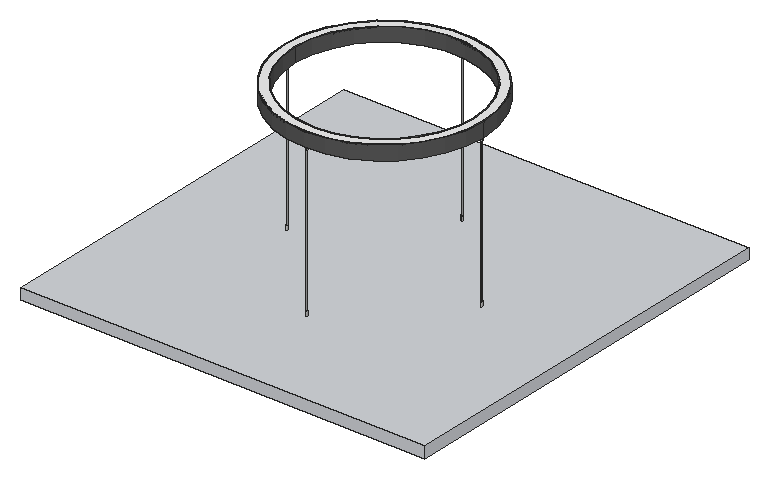
Revit family "Zumtobel SLOTLIGHT Round", category Lighting Fixtures, host Face, Revit 2016
Family settings
  Host = Face
  Part Type = Normal
  Round Connector Dimension = Use Diameter
  OmniClass Number = 23.80.70.11
  OmniClass Title = Luminaries for Internal Lighting
  Cut with Voids When Loaded = No
  Light Source = Yes
  Shared = No
  Room Calculation Point = No
Parameters (values of type "SLOIN R D 1200")
  Width = 1200.00 mm
  Wattage = 40.9312 W
  built-in parameter 1150110 = 1 (stored number, unit not read)
  Voltage = 0 V
  URL = "http://www.zumtobel.com/42187676"
  Type Comments = "© Zumtobel. We reserve the right to make technical changes without prior notice."  # constant formula
  built-in parameter 1114217 = 1 (stored number, unit not read)
  Tilt Angle = -90.00°  # constant formula
  built-in parameter 1150109 = 1 (stored number, unit not read)
  built-in parameter 1150134 = 12
  Suspension Height Value [instance] = if(Surface Mount, 85.00 mm, Suspension Height)  # 1000.00 mm
  Suspension Height [instance] = 1000.00 mm
  Suspension Diameter = if(Length = 800.00 mm, 774.00 mm, if(Length = 1200.00 mm, 1174.00 mm, 1474.00 mm))  # 1174.00 mm
  Suspension [instance] = ZG_Metal_Grey
  Surface Mount [instance] = no
  built-in parameter 1150113 = 1 (stored number, unit not read)
  Photometric Web File = "42187676_(STD_LEO).IES"
  Pendant [instance] = not(Surface Mount)  # yes
  Model = "42187676"
  Manufacturer = "Zumtobel Lighting"  # constant formula
  built-in parameter 1150105 = 483.83 (stored number, unit not read)
  Lumens = 6080 lm
  built-in parameter 1150115 = 1 (stored number, unit not read)
  built-in parameter 1150137 = (empty or 0)
  built-in parameter 1150139 = (empty or 0)
  Length = Width  # 1200.00 mm
  built-in parameter 1150112 = 1 (stored number, unit not read)
  built-in parameter 1150114 = 1 (stored number, unit not read)
  Lamp = "LED"
  built-in parameter 1150132 = 2
  built-in parameter 1150102 = (empty or 0)
  built-in parameter 1150107 = 4000 (stored number, unit not read)
  built-in parameter 1150138 = (empty or 0)
  built-in parameter 1150106 = 4.8383 (stored number, unit not read)
  Height = 85.00 mm  # constant formula
  Emit from Circle Diameter = Width  # 1200.00 mm
  Emit Shape Visible in Rendering = no
  built-in parameter 1150104 = 13.8 (stored number, unit not read)
  Dimming Lamp Color Temperature Shift = <None>
  Description = "LED lumaire"  # constant formula
  Color Filter = 16777215
  Body [instance] = ZG_Metal_Black
  built-in parameter 1114218 = 1 (stored number, unit not read)
  built-in parameter 1150133 = 10 (stored number, unit not read)
  Apparent Load = 68.5 VA
  Default Elevation = 0.00 mm
  Assembly Code = "D5020200"
Types (3, lengths in mm): name | Width | Wattage | URL | Suspension Diameter | Photometric Web File | Model | built-in parameter 1150105 | Lumens | Length | built-in parameter 1150106 | Emit from Circle Diameter | Apparent Load
  SLOIN R D D800 | 800.00 | 28.9952 W | "http://www.zumtobel.com/42187659" | 774.00 | "42187659_(STD_LEO).IES" | "42187659" | 342.74 (stored number, unit not read) | 4307 lm | 800.00 | 3.4274 (stored number, unit not read) | 800.00 | 48.9 VA
  SLOIN R D 1200 | 1200.00 | 40.9312 W | "http://www.zumtobel.com/42187676" | 1174.00 | "42187676_(STD_LEO).IES" | "42187676" | 483.83 (stored number, unit not read) | 6080 lm | 1200.00 | 4.8383 (stored number, unit not read) | 1200.00 | 68.5 VA
  SLOIN R D 1500 | 1500.00 | 53.2442 W | "http://www.zumtobel.com/42187692" | 1474.00 | "42187692_(STD_LEO).IES" | "42187692" | 629.38 (stored number, unit not read) | 7909 lm | 1500.00 | 6.2938 (stored number, unit not read) | 1500.00 | 92.2 VA
Reference planes
  plane 1 "Center (Front/Back)": y = 0
  plane 2: z = 0
  plane 3 "Center (Left/Right)": x = 0
  plane 4 "Bottom": z = 1000
  plane 5 "Suspension": z = 920
  plane 6: z = 25
  plane 7: x = -587
  plane 8: x = 587
  plane 9: y = 587
  plane 10: y = -587
Forms (mm)
  Extrusion 1, solid
    sketch origin (0, 0, 0) x (1, 0, 0) y (0, 1, 0)
      loop
        line (-1219.2, 1219.2) -> (-1219.2, -1219.2) -> (1219.2, -1219.2) -> (1219.2, 1219.2) -> (-1219.2, 1219.2)
    from 0 to -66.193
  Sweep 2, solid, material "ZG_Metal_Black" <- "Body"
    path origin (0, 0, 1000) x (-1, 0, 0) y (0, -1, 0)
      loop
        circle (0, 0) r 600
    profile "Slotlight_Profile : Slotlight_Profile" origin (0, -600, 1000) x (0, 1, 0) y (0, 0, 1)
      loop
        line (60, -85) -> (60, 0) -> (57.5, 0) -> (57.5, -5) -> (55, -5) -> (55, 0) -> (5, 0) -> (5, -5) -> (2.5, -5) -> (2.5, 0) -> (0, 0) -> (0, -85) -> (2.5, -85) -> (2.5, -80) -> (57.5, -80) -> (57.5, -85) -> (60, -85)
Dimensions and locks
  "Suspension Height Value": plane 4 "Bottom" to level
  locked: plane 4 "Bottom" to plane 5 "Suspension" at 80
  locked: plane 6 to plane 2 at 25
  "Suspension Diameter": plane 7 to plane 8
  equal spacing: plane 7, plane 3 "Center (Left/Right)", plane 8
  equal spacing: plane 9, plane 1 "Center (Front/Back)", plane 10
  "Suspension Diameter": plane 9 to plane 10
  "Width": diameter of Sweep 2 sketch curve
  aligned and locked: plane 2 to Extrusion 1
  aligned and locked: level to Extrusion 1
  aligned and locked: plane 4 "Bottom" to imposter light
  aligned and locked: nested 1 to plane 7
  aligned and locked: plane 1 "Center (Front/Back)" to nested 1
  aligned and locked: nested 2 to plane 1 "Center (Front/Back)"
  aligned and locked: nested 2 to plane 8
  aligned and locked: plane 3 "Center (Left/Right)" to nested 3
  aligned and locked: plane 9 to nested 3
  aligned and locked: plane 3 "Center (Left/Right)" to nested 4
  aligned and locked: plane 10 to nested 4
Automatic sketch dimensions
  Extrusion 1 sketch curve to Extrusion 1 sketch curve = 2438.40 mm  (x2)
  plane 1 "Center (Front/Back)" to Sweep 2 sketch curve = 0.00 mm
  Sweep 2 sketch curve to plane 3 "Center (Left/Right)" = 0.00 mm
Nested families
  nested 1: "Supension" at (-587, 0, 0), Suspension <- "Suspension", Suspension Height Value <- "Suspension Height Value", visible <- "Pendant", type "Supension"
    with Suspension Height Value 1000.00 mm, Suspension ZG_Metal_Grey, Pendant yes
  nested 2: "Supension" at (587, 0, 0) x (-1, 0, 0) z (0, 0, 1), Suspension <- "Suspension", Suspension Height Value <- "Suspension Height Value", visible <- "Pendant", type "Supension"
    with Suspension Height Value 1000.00 mm, Suspension ZG_Metal_Grey, Pendant yes
  nested 3: "Supension" at (0, 587, 0) x (-1, 0, 0) z (0, 0, 1), Suspension <- "Suspension", Suspension Height Value <- "Suspension Height Value", visible <- "Pendant", type "Supension"
    with Suspension Height Value 1000.00 mm, Suspension ZG_Metal_Grey, Pendant yes
  nested 4: "Supension" at (0, -587, 0) x (-1, 0, 0) z (0, 0, 1), Suspension <- "Suspension", Suspension Height Value <- "Suspension Height Value", visible <- "Pendant", type "Supension"
    with Suspension Height Value 1000.00 mm, Suspension ZG_Metal_Grey, Pendant yes
Connectors
  electrical at (587, 0, 0), driven by "Voltage", driven by "Apparent Load"
    settings: on nested 2, index 1, voltage 0 V, apparent load 68.5 VA, apparent load phase1 0 VA, apparent load phase2 0 VA, apparent load phase3 0 VA, power factor 1, load classification "Lighting", number of poles 1, system type 30, power factor state 1, is connector primary yes, connector utility no, sub classification motor no, connector description "Power"
Definition of nested family "Supension"
  Parameters (values of type "Family1")
    Suspension Height Value [instance] = 1000.00 mm
    Suspension [instance] = none
    Pendant [instance] = yes
    Default Elevation = 1219.20 mm
  Reference planes
    plane 1 "Center (Front/Back)": y = 0
    plane 2: z = 0
    plane 3 "Center (Left/Right)": x = 0
    plane 4: z = 25
    plane 5: z = 895
    plane 6: z = 920
    plane 7: z = 1000
  Forms (mm)
    Extrusion 1, solid, material <- "Suspension"
      sketch origin (0, 387, 920) x (0, -1, 0) y (1, 0, 0)
        loop
          circle (387, 0) r 2.5
      from -25 to -895
    Extrusion 2, solid, material <- "Suspension"
      sketch origin (0, 387, 320) x (0, -1, 0) y (1, 0, 0)
        loop
          circle (387, 0) r 5
      from -295 to -320
    Extrusion 3, solid, material <- "Suspension"
      sketch origin (0, 0, 0) x (1, 0, 0) y (0, 1, 0)
        loop
          circle (0, 0) r 5
      from 895 to 920
  Dimensions and locks
    locked: plane 7 to plane 6 at 80
    "Suspension Height Value": plane 7 to plane 2
    locked: plane 6 to plane 5 at 25
    aligned and locked: level to plane 2
    aligned and locked: Extrusion 2 to plane 2
    aligned and locked: plane 4 to Extrusion 2
    aligned and locked: Extrusion 1 to plane 4
    aligned and locked: plane 5 to Extrusion 1
    aligned and locked: Extrusion 3 to plane 5
    aligned and locked: plane 6 to Extrusion 3
  Automatic sketch dimensions
    plane 1 "Center (Front/Back)" to Extrusion 1 sketch curve = 0.00 mm
    Extrusion 1 sketch curve to plane 3 "Center (Left/Right)" = 0.00 mm
    plane 1 "Center (Front/Back)" to Extrusion 2 sketch curve = 0.00 mm
    Extrusion 2 sketch curve to plane 3 "Center (Left/Right)" = 0.00 mm
    plane 1 "Center (Front/Back)" to Extrusion 3 sketch curve = 0.00 mm
    Extrusion 3 sketch curve to plane 3 "Center (Left/Right)" = 0.00 mm
    radius of Extrusion 1 sketch curve = 2.50 mm
    radius of Extrusion 2 sketch curve = 5.00 mm
    radius of Extrusion 3 sketch curve = 5.00 mm
